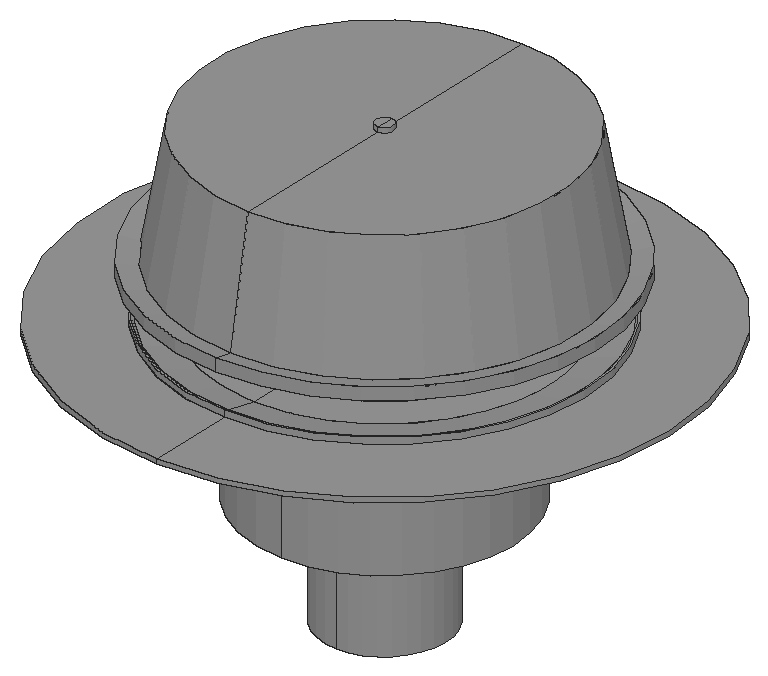
Revit family "HL_RU_Roof drain_HL62Safe-B-221103", category Instalační zařizovací předměty, Revit 2021
Family settings
  Kóta kulaté spojky = Použít průměr
  Typ dílu = Normální
  Číslo OmniClass = 23.70.50.21.24.14
  Nadpis OmniClass = Deck Waste Water Drains
  Založené na pracovní rovině = Ne
  Vždy vertikální = Ano
  Ořezat dutým tvarem při načtení = Ne
  Sdílené = Ne
  Bod výpočtu místnosti = Ano
Parameters (values of type "HL_Кровельная воронка_HL62Safe_7")
  РЕШЁТКА = "Laubfangkorb d 262 mm"
  РАЗМЕР = "DN75"
  ПРОПУСКНАЯ СПОСОБНОСТЬ [instance] = 0.0 L/s
  ПРОИЗВОДИТЕЛЬНОСТЬ = "see Download"
  ПРАВОВАЯ ИНФОРМАЦИЯ = "Авторские права(©), права на дизайн или какие либо другие права интелектуальной собственности являются исключительной собственностью компании HL Hutterer & Lechner. Изменению не подлежит. Файл семейства с данными о прозводителе изделия защищен паролем с водяным знаком."
  НОМИНАЛЬНЫЙ ДИАМЕТР = 75 mm
  МАТЕРИАЛ = "PP"
  ВЫСОТА МОНТАЖА = "100mm"
  ВЕС = "3,014 [kg]"
  Výchozí výška = 0 mm
  Výrobce = "HL Hutterer & Lechner GmbH"  # constant formula
  URL = "http://www.hutterer-lechner.com/ru/products/catalog/roof-drains/HL62Safe/7.aspx"
  Материал плитка [instance] = none
  Přípoj ventilace = no
  Přípoj odpadních dílů = yes
  Přípoj HW = no
  Přípoj CW = no
  Popis = "Кровельные воронки"
  Model = "HL62Safe_7"
  Assembly Code = " "
  Komentáře k typům = "HL62Safe/7, Воронка для аварийного водостока DN75 с возможностью регулировки толщины слоя воды"
  Keynote = "HL62Safe_7"
  EAN = "9003076040278"
  Bысота монтажа [instance] = 28 mm  # constant formula
  G [instance] = 180.00°  # constant formula
  D [instance] = if(НОМИНАЛЬНЫЙ ДИАМЕТР = 160 mm, 60 mm, 67 mm) + Bысота монтажа  # 95 mm
  C [instance] = if(Bысота монтажа - 68 mm < 0 mm, 0 mm, Bысота монтажа - 68 mm)  # 0 mm
  B [instance] = 100 mm  # constant formula
  A [instance] = if(B - 100 mm > 15 mm, B - 100 mm, 15 mm)  # 15 mm
Types (5, lengths in mm): name | РАЗМЕР | НОМИНАЛЬНЫЙ ДИАМЕТР | ВЕС | URL | Model | Komentáře k typům | Keynote | EAN | D
  (no name) | "DN75" | 75 | "3,014 [kg]" | "http://www.hutterer-lechner.com/ru/products/catalog/roof-drains/HL62Safe/7.aspx" | "HL62Safe_7" | "HL62Safe/7, Воронка для аварийного водостока DN75 с возможностью регулировки толщины слоя воды" | "HL62Safe_7" | "9003076040278" | 95
  HL_Кровельная воронка_HL62Safe_1 | "DN110" | 110 | "3,034 [kg]" | "http://www.hutterer-lechner.com/ru/products/catalog/roof-drains/HL62Safe/1.aspx" | "HL62Safe_1" | "HL62Safe/1, Воронка для аварийного водостока DN110 с возможностью регулировки толщины слоя воды" | "HL62Safe_1" | "9003076040247" | 95
  HL_Кровельная воронка_HL62Safe_2 | "DN125" | 125 | "3,074 [kg]" | "http://www.hutterer-lechner.com/ru/products/catalog/roof-drains/HL62Safe/2.aspx" | "HL62Safe_2" | "HL62Safe/2, Воронка для аварийного водостока DN125 с возможностью регулировки толщины слоя воды" | "HL62Safe_2" | "9003076040254" | 95
  HL_Кровельная воронка_HL62Safe_5 | "DN160" | 160 | "3,094 [kg]" | "http://www.hutterer-lechner.com/ru/products/catalog/roof-drains/HL62Safe/5.aspx" | "HL62Safe_5" | "HL62Safe/5, Воронка для аварийного водостока DN160 с возможностью регулировки толщины слоя воды" | "HL62Safe_5" | "9003076040261" | 88
  HL_Кровельная воронка_HL62Safe_7 | "DN75" | 75 | "3,014 [kg]" | "http://www.hutterer-lechner.com/ru/products/catalog/roof-drains/HL62Safe/7.aspx" | "HL62Safe_7" | "HL62Safe/7, Воронка для аварийного водостока DN75 с возможностью регулировки толщины слоя воды" | "HL62Safe_7" | "9003076040278" | 95
Reference planes
  plane 1 "Center (Front/Back)": y = 0
  plane 2: z = 0
  plane 3 "Center (Left/Right)": x = 0
  plane 4: z = -100
  plane 5: z = -28
Lines and regions (mm)
  model lines, style "InvisibleLines"
    curve 1: line (0, 0, 0) -> (0, 0, 20)
  model lines, style "PlumbingFixtures", detail levels coarse+medium
    curve 2: line (0, 0, -100) -> (0, 0, -85)
    curve 3: line (0, 0, -85) -> (-85, 0, 0)
    curve 4: line (0, 0, -85) -> (85, 0, 0)
    curve 6: line (0, 0, -100) -> (0, 0, -195)
  reference lines, not visible
    curve 5: line (0, 0, -100) -> (0, 0, -195)
  symbolic lines, style "PlumbingFixtures", detail levels coarse+medium
    curve 7: line (-75, 75, 0) -> (75, 75, 0)
    curve 8: line (-75, -75, 0) -> (-75, 75, 0)
    curve 9: line (75, -75, 0) -> (-75, -75, 0)
    curve 10: line (75, 75, 0) -> (75, -75, 0)
    curve 11: line (-75, 75, 0) -> (-145.711, 145.711, 0)
    curve 12: line (75, 75, 0) -> (145.711, 145.711, 0)
    curve 13: line (-75, -75, 0) -> (-145.711, -145.711, 0)
    curve 14: line (75, -75, 0) -> (145.711, -145.711, 0)
  symbolic lines, style "PlumbingFixtures", not visible, detail levels coarse+medium
    curve 15: line (-75, 75, 0) -> (75, 75, 0)
    curve 16: line (-75, -75, 0) -> (-75, 75, 0)
    curve 17: line (75, -75, 0) -> (-75, -75, 0)
    curve 18: line (75, 75, 0) -> (75, -75, 0)
    curve 19: line (-75, 75, 0) -> (-145.711, 145.711, 0)
    curve 20: line (75, 75, 0) -> (145.711, 145.711, 0)
    curve 21: line (-75, -75, 0) -> (-145.711, -145.711, 0)
    curve 22: line (75, -75, 0) -> (145.711, -145.711, 0)
Text (mm)
  text "FLOOR" at (-162.344, 0, -10.979), in view "Drain Construction View"
Dimensions and locks
  "B": plane 2 to plane 4
  "Bысота монтажа": plane 2 to plane 5
  "A": curve 4 to plane 4
  "D": curve 5 to curve 5
  "D": curve 6 to curve 6
  locked: curve 4 to plane 3 "Center (Left/Right)" (angle 45.00°)
  locked: plane 3 "Center (Left/Right)" to curve 3 (angle 45.00°)
  "G": angle curve 5 to plane 3 "Center (Left/Right)"
  aligned and locked: level to plane 2
  aligned and locked: plane 2 to curve 4
  aligned and locked: plane 2 to curve 3
  aligned and locked: plane 4 to curve 5
  aligned and locked: plane 3 "Center (Left/Right)" to curve 5
  aligned and locked: plane 4 to curve 2
  aligned and locked: curve 6 to plane 3 "Center (Left/Right)"
  aligned and locked: curve 6 to plane 4
  aligned and locked: plane 5 to nested 1
  aligned and locked: plane 3 "Center (Left/Right)" to nested 1
  aligned and locked: nested 2 to plane 2
  aligned and locked: plane 3 "Center (Left/Right)" to nested 2
Automatic sketch dimensions
  curve 2 to plane 3 "Center (Left/Right)" = 0 mm
  curve 1 to plane 3 "Center (Left/Right)" = 0 mm
  curve 1 to level = 0 mm
  level to curve 1 = 20 mm
Nested families
  nested 1: "HL_кровельные воронки - корпус_HL62" at (0, 0, -28), НОМИНАЛЬНЫЙ ДИАМЕТР <- "НОМИНАЛЬНЫЙ ДИАМЕТР", type "HL_кровельные воронки - корпус_HL62"
    with НОМИНАЛЬНЫЙ ДИАМЕТР 75 mm, L 69 mm
  nested 2: "HL_Вспомогательные материалы-Противопожарная защита_HL062.1Safe" at (0, 0, 0), Bысота монтажа <- "Bысота монтажа", type "HL_Вспомогательные материалы-Противопожарная защита_HL062.1Safe"
    with Пропускная способность 0.0 L/s, L 58 mm, IHmin 28 mm, IHmax 68 mm, Bысота монтажа 28 mm
Connectors
  piping at (0, 0, -195), diameter 75, driven by "ПРОПУСКНАЯ СПОСОБНОСТЬ", driven by "НОМИНАЛЬНЫЙ ДИАМЕТР"
    settings: on curve 5, index 1, connector inside diameter 609.6 mm, connector length 0 mm, flow factor 0, pipe flow 0.0 L/s, pressure drop 0.0 Pa, fitting loss kfactor 0, connector angle 0.00°, fixture units 0, engagement length 0 mm, angle of deflection 0.00°, flow configuration 1, flow direction 2, fitting loss method 0, system type 16, joint type 0, gender type 0, connector reference index -1, connector utility 0, adjustable connector yes, is connector primary yes, connector description ""
Definition of nested family "HL_кровельные воронки - корпус_HL62"
  Parameters (values of type "HL_кровельные воронки - корпус_HL62")
    НОМИНАЛЬНЫЙ ДИАМЕТР [instance] = 110 mm
    Default Elevation = 0 mm
    Manufacturer = ""
    URL = ""
    Description = ""
    Model = ""
    L [instance] = if(НОМИНАЛЬНЫЙ ДИАМЕТР = 160 mm, 62 mm, 69 mm)  # 69 mm
    Type Comments = ""
    Cost = 0
  Reference planes
    plane 1 "Střed (vpředu/vzadu)": y = 0
    plane 2: z = 0
    plane 3 "Střed (vlevo/vpravo)": x = 0
    plane 4: z = -97.92
  Forms (mm)
    Revolve 1, solid, detail levels fine
      sketch origin (0, 0, 0) x (0, 1, 0) y (0, 0, 1)
        loop
          line (177, -3) -> (177, 0) -> (124.39, 0) -> (101.905, -2.2) -> (79.004, -2.2) -> (79.004, -22.024) -> (74.451, -22.024) -> (74.451, -35.37) -> (65.787, -35.37) -> (64.804, -43.37) -> (0, -43.37) -> (0, -97.92) -> (79.982, -97.92) -> (79.982, -31.54) -> (86.489, -31.54) -> (86.489, -28.04) -> (101.489, -28.04) -> (101.489, -13.704) -> (130.898, -3) -> (177, -3)
        axis (0, 0) -> (0, -97.92)
      angle from 0 to 360
    Revolve 2, solid, detail levels fine
      sketch origin (0, 0, 0) x (0, 1, 0) y (0, 0, 1)
        loop
          line (124.39, 0) -> (124.39, 4) -> (123.297, 4) -> (122.033, 3.115) -> (101.733, -1.2) -> (79.004, -1.2) -> (79.004, -2.2) -> (101.905, -2.2) -> (124.39, 0)
        axis (0, 4) -> (0, -2.2)
      angle from 0 to 360
    Extrusion 3, solid, detail levels fine
      sketch origin (0, 79.982, -97.92) x (0, 1, 0) y (-1, 0, 0)
        loop
          circle (-79.982, 0) r 55
      from 0 to -69
  Dimensions and locks
    "L": plane 4 to Extrusion 3
    "НОМИНАЛЬНЫЙ ДИАМЕТР": diameter of Extrusion 3 sketch curve
    aligned and locked: level to plane 2
  Automatic sketch dimensions
    Revolve 1 sketch curve to plane 1 "Střed (vpředu/vzadu)" = 0 mm  (x2)
    level to Revolve 1 sketch curve = 0 mm
    Revolve 1 sketch curve to plane 1 "Střed (vpředu/vzadu)" = 64.804 mm
    Revolve 1 sketch curve to Revolve 1 sketch curve = 0.982 mm
    Revolve 1 sketch curve to Revolve 1 sketch curve = 8.664 mm
    Revolve 1 sketch curve to Revolve 1 sketch curve = 4.553 mm
    Revolve 1 sketch curve to Revolve 1 sketch curve = 15.178 mm
    Revolve 1 sketch curve to Revolve 1 sketch curve = 6.507 mm
    Revolve 1 sketch curve to Revolve 1 sketch curve = 15 mm
    Revolve 1 sketch curve to level = 2.2 mm
    Revolve 1 sketch curve to Revolve 1 sketch curve = 0.416 mm
    Revolve 1 sketch curve to Revolve 1 sketch curve = 22.485 mm
    Revolve 1 sketch curve to level = 3 mm
    Revolve 1 sketch curve to Revolve 1 sketch curve = 6.508 mm
    Revolve 1 sketch curve to Revolve 1 sketch curve = 46.102 mm
    Revolve 1 sketch curve to Revolve 1 sketch curve = 11.504 mm
    Revolve 1 sketch curve to Revolve 1 sketch curve = 19.824 mm
    Revolve 1 sketch curve to Revolve 1 sketch curve = 6.016 mm
    Revolve 1 sketch curve to Revolve 1 sketch curve = 3.5 mm
    Revolve 1 sketch curve to Revolve 1 sketch curve = 3.83 mm
    Revolve 1 sketch curve to Revolve 1 sketch curve = 8 mm
    Revolve 1 sketch curve to Revolve 1 sketch curve = 54.55 mm
    Revolve 1 sketch curve to Revolve 1 sketch curve = 202.08 mm
    level to Revolve 1 sketch curve = 300 mm
    Revolve 2 sketch curve to plane 1 "Střed (vpředu/vzadu)" = 0 mm
    level to Revolve 2 sketch curve = 0 mm
    Revolve 2 sketch curve to level = 2.2 mm
    Revolve 2 sketch curve to plane 1 "Střed (vpředu/vzadu)" = 79.004 mm
    Revolve 2 sketch curve to level = 1.2 mm
    Revolve 2 sketch curve to Revolve 2 sketch curve = 22.729 mm
    Revolve 2 sketch curve to Revolve 2 sketch curve = 0.172 mm
    level to Revolve 2 sketch curve = 3.115 mm
    Revolve 2 sketch curve to Revolve 2 sketch curve = 20.299 mm
    Revolve 2 sketch curve to Revolve 2 sketch curve = 1.264 mm
    Revolve 2 sketch curve to Revolve 2 sketch curve = 1.093 mm
    Revolve 2 sketch curve to Revolve 2 sketch curve = 0.885 mm
    Revolve 2 sketch curve to level = 69.647 mm
    level to Revolve 2 sketch curve = 33.8 mm
    plane 1 "Střed (vpředu/vzadu)" to Extrusion 3 sketch curve = 0 mm
    Extrusion 3 sketch curve to plane 3 "Střed (vlevo/vpravo)" = 0 mm
Definition of nested family "HL_Вспомогательные материалы-Противопожарная защита_HL062.1Safe"
  Parameters (values of type "HL_Вспомогательные материалы-Противопожарная защита_HL062.1Safe")
    РЕШЁТКА = "Laubfangkorb d 262 mm"
    ПРАВОВАЯ ИНФОРМАЦИЯ = "Авторские права(©), права на дизайн или какие либо другие права интелектуальной собственности являются исключительной собственностью компании HL Hutterer & Lechner. Изменению не подлежит. Файл семейства с данными о прозводителе изделия защищен паролем с водяным знаком."
    МАТЕРИАЛ = "PP"
    ВЕС = "1,25 [kg]"
    Default Elevation = 0 mm
    Manufacturer = "HL Hutterer & Lechner GmbH"
    URL = "http://www.hutterer-lechner.com/ru/products/catalog/roof-drains/HL062.1Safe.aspx"
    Материал плитка = none
    Description = "Кровельные воронки"
    Model = "HL062.1Safe"
    L [instance] = if(Bысота монтажа < IHmin, -100 mm, if(Bысота монтажа > IHmax, -100 mm, Bысота монтажа + 30 mm))  # 58 mm
    Type Comments = "HL062.1Safe, Вставка в воронку для аварийного водоотведения"
    Keynote = "HL062.1Safe"
    Bысота монтажа [instance] = 28 mm
    IHmin [instance] = 28 mm
    IHmax [instance] = 68 mm
    Пропускная способность [instance] = 0.0 L/s
    EAN = "9003076040605"
    Cost = 0
  Reference planes
    plane 1 "Střed (vpředu/vzadu)": y = 0
    plane 2: z = 0
    plane 3 "Střed (vlevo/vpravo)": x = 0
  Forms (mm)
    Revolve 1, solid, detail levels fine
      sketch origin (0, 0, 0) x (0, 1, 0) y (0, 0, 1)
        loop
          line (0, 81.1) -> (-5.25, 81.1) -> (-5.25, 78.5) -> (-106.614, 78.5) -> (-119.486, 5.5) -> (-101.611, 5.5) -> (-90.568, 68.124) -> (0, 68.124) -> (0, 81.1)
        axis (0, 81.1) -> (0, 5.5)
      angle from 0 to 360
    Extrusion 2, solid, detail levels fine
      sketch origin (0, 0, 68.124) x (-1, 0, 0) y (0, 1, 0)
        loop
          circle (-50, 0) r 11.945
      from 0 to 82.224
    Extrusion 3, solid, detail levels fine
      sketch origin (-100, 0, 68.124) x (-1, 0, 0) y (0, 1, 0)
        loop
          circle (-50, 0) r 11.945
      from 0 to 82.224
    Revolve 4, solid, detail levels fine
      sketch origin (0, 0, 0) x (0, 1, 0) y (0, 0, 1)
        loop
          line (-130.983, 7.735) -> (-130.983, 0) -> (-69.061, 0) -> (-64.445, -4.616) -> (-64.445, -65.123) -> (-63.068, -66.5) -> (-58.068, -66.5) -> (-58.068, -4.58) -> (-68.148, 5.5) -> (-119.486, 5.5) -> (-130.983, 7.735)
        axis (0, 7.735) -> (0, -66.5)
      angle from 0 to 360
    Revolve 5, solid, detail levels fine
      sketch origin (0, 69.895, -58) x (0, -1, 0) y (0, 0, -1)
        loop
          line (149.29, -29.5) -> (149.29, -9.5) -> (139.79, 0) -> (134.34, 0) -> (134.34, -44) -> (138.069, -44) -> (138.069, -29.5) -> (149.29, -29.5)
        axis (69.895, -44) -> (69.895, 0)
      angle from 0 to 360
  Lines and regions (mm)
    reference lines
      curve 1: line (0, 69.895, -58) -> (0, -190.105, -58)
  Dimensions and locks
    "L": curve 1 to plane 2
    aligned and locked: level to plane 2
  Automatic sketch dimensions
    Revolve 1 sketch curve to plane 1 "Střed (vpředu/vzadu)" = 0 mm  (x2)
    plane 1 "Střed (vpředu/vzadu)" to Revolve 1 sketch curve = 5.25 mm
    Revolve 1 sketch curve to Revolve 1 sketch curve = 85.318 mm
    level to Revolve 1 sketch curve = 5.5 mm
    Revolve 1 sketch curve to Revolve 1 sketch curve = 11.042 mm
    Revolve 1 sketch curve to Revolve 1 sketch curve = 16.046 mm
    Revolve 1 sketch curve to Revolve 1 sketch curve = 17.876 mm
    Revolve 1 sketch curve to Revolve 1 sketch curve = 62.624 mm
    Revolve 1 sketch curve to Revolve 1 sketch curve = 10.376 mm
    Revolve 1 sketch curve to Revolve 1 sketch curve = 2.6 mm
    Revolve 1 sketch curve to Revolve 1 sketch curve = 40 mm
    Revolve 1 sketch curve to Revolve 1 sketch curve = 25 mm
    Extrusion 2 sketch curve to Revolve 1 = 50 mm
    Revolve 1 to Extrusion 3 sketch curve = 50 mm
    level to Revolve 4 sketch curve = 0 mm
    Revolve 4 sketch curve to plane 1 "Střed (vpředu/vzadu)" = 0 mm
    plane 1 "Střed (vpředu/vzadu)" to Revolve 4 sketch curve = 58.068 mm
    Revolve 4 sketch curve to Revolve 4 sketch curve = 5 mm
    Revolve 4 sketch curve to Revolve 4 sketch curve = 1.377 mm  (x2)
    Revolve 4 sketch curve to Revolve 4 sketch curve = 3.703 mm
    Revolve 4 sketch curve to Revolve 4 sketch curve = 0.913 mm
    level to Revolve 4 sketch curve = 5.5 mm
    Revolve 4 sketch curve to Revolve 4 sketch curve = 50.425 mm
    Revolve 4 sketch curve to Revolve 4 sketch curve = 11.497 mm
    Revolve 4 sketch curve to level = 4.58 mm
    Revolve 4 sketch curve to level = 4.616 mm
    Revolve 4 sketch curve to Revolve 4 sketch curve = 60.507 mm
    level to Revolve 4 sketch curve = 7.735 mm
    Revolve 4 sketch curve to Revolve 4 sketch curve = 10 mm
    Revolve 4 sketch curve to Revolve 4 sketch curve = 35 mm
    Revolve 5 sketch curve to curve 1 = 0 mm
    curve 1 to Revolve 5 sketch curve = 44 mm
    Revolve 5 sketch curve to curve 1 = 125.66 mm
    Revolve 5 sketch curve to Revolve 5 sketch curve = 3.729 mm
    Revolve 5 sketch curve to Revolve 5 sketch curve = 5.45 mm
    Revolve 5 sketch curve to Revolve 5 sketch curve = 11.221 mm
    Revolve 5 sketch curve to Revolve 5 sketch curve = 14.5 mm
    curve 1 to Revolve 5 sketch curve = 9.5 mm
    curve 1 to Revolve 5 sketch curve = 69.895 mm
    Revolve 5 sketch curve to curve 1 = 15 mm
    Revolve 5 sketch curve to Revolve 5 sketch curve = 40 mm
    plane 1 "Střed (vpředu/vzadu)" to curve 1 = 190.105 mm
    curve 1 to plane 1 "Střed (vpředu/vzadu)" = 69.895 mm
    radius of Extrusion 2 sketch curve = 11.945 mm
    radius of Extrusion 3 sketch curve = 11.945 mm
